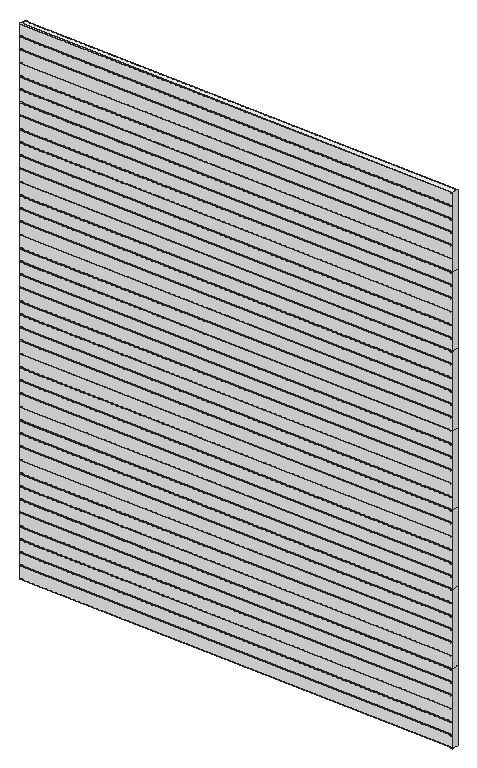
Revit family "3715-1Basic", category Doors, host Wall, Revit 2025
Family settings
  Host = Wall
  OmniClass Number = 23.30.10.17.37.14
  OmniClass Title = Sectional Overhead Doors
  Always vertical = Yes
  Cut with Voids When Loaded = No
  Shared = No
  Room Calculation Point = No
Parameters (values of type "By Type")
  Windload = "Doors available rated for various design pressures; consult Clopay for avaialbility and specifications"
  VisSection6 = NumSections = 6  # no
  VisSection5 = NumSections > 4  # yes
  VisSection4 = NumSections > 3  # yes
  VisSection3 = NumSections > 2  # yes
  VisArray = NumSections > 6  # yes
  URL = "www.clopaydoor.com"
  Track = "Galvanized steel (gauge varies according to door size)"
  Thickness = 0' - 2"  # constant formula
  Spec Wizard = "http://www.arcat.com/specwizard/08360clo/index.htm"
  Section Height = Height / NumSections  # 2' - 0"
  Sales Information = "http://www.clopaydoor.com/where-to-buy.aspx?type=dealer"
  Rough Width = 0' - 0"  # constant formula
  Rough Height = 0' - 0"  # constant formula
  R-Value = "12.9"
  Product Features and Benefits = "http://www.clopaydoor.com/insulated-polyurethane-applications.aspx"
  Overlapping Jamb = yes
  Overlap = if(Overlapping Jamb, 0' 1", 0' 0")  # 0' - 1"
  Opening Width = 12' - 0"
  Opening Height = 14' - 0"
  Omniclass Table = "23-30 10 17 37 "
  NumSectionsNotRounded = Height / 2' 0"  # 7
  NumSections = NumSectionsNotRounded + 0.4999  # 7
  NumArraySections = if(NumSections > 6, NumSections - 5, 2)  # 2
  Model = "3715"
  Maximum Size = "Maximum 32' 2'' wide by 26' 0'' high. Additional limitations may apply do to door weight. Consult Clopay for specificiations and shop drawings."  # constant formula
  Manufacturer Website = "http://www.clopaydoor.com"
  Manufacturer Phone Number = "1-800-526-4301"
  Manufacturer Address = "1400 W. Market St., Troy, OH 45373"
  Manufacturer = "Clopay Building Products Company"
  LEED = "http://products.construction.com/swts_content_files/151607/303186.pdf"
  Keynote = "08 36 13"
  Interior Steel = "28 ga. galvanized, primed, and finish painted"
  Hardware = "14 ga. min. steel hinges; 10-ball steel rollers"
  GreenFormat = "http://www.greenformat.com/products/1536-Polyurethane%20Insulated%20Doors.rtf"
  Function = Interior
  Height = Opening Height + Rough Width * 0  # 14' - 0"
  Wall Closure = By host
  Width = Opening Width + Rough Width * 0  # 12' - 0"
  FloorToSection7 = 6 * Section Height  # 12' - 0"
  FloorToSection6 = 5 * Section Height  # 10' - 0"
  FloorToSection5 = 4 * Section Height  # 8' - 0"
  FloorToSection4 = 3 * Section Height  # 6' - 0"
  FloorToSection3 = 2 * Section Height  # 4' - 0"
  FloorToSection2 = Section Height  # 2' - 0"
  File Revision = "02 (August, 2012)"
  Exterior Steel = "27 ga. galvanized, primed, and finish painted"
  Double End Stiles = Door Width > 14' 2"  # no
  Door Width = Opening Width + Overlap * 2  # 12' - 2"
  Door Height = Opening Height + Rough Width * 0  # 14' - 0"
  Description = "1-3/8'' thick polyurethane insulated, stucco embossed 27 gauge steel exterior with light ribbed pattern."
  Core Material = "Expanded polyurethane"
  Copyright = "2010, Clopay Building Products Company, Inc."
  Color = White
  CAD and Specifications = "http://www.clopaydoor.com/insulated-polyurethane-specs.aspx"
  Assembly Code = "B2030410"
Reference planes (in)
  plane 1 "Center (Front/Back)": y = 0
  plane 2 "Center (Left/Right)": x = 0
  plane 3 "Left": x = -72
  plane 4 "Right": x = 72
  plane 5 "Top": z = 168
  plane 6 "Exterior": y = 3
  plane 7 "Interior": y = -3
  plane 8: z = 120
  plane 9: z = 144
Lines and regions (in)
  Opening 1
    outline origin (-90, -3, 0) x (1, 0, 0) y (0, 0, 1)
      loop
        line (18, 0) -> (162, 0) -> (162, 168) -> (18, 168) -> (18, 0)
Text (in)
  text "Exterior" at (-74.96733, 27.31104, 0), in view "Ref. Level"
  text "Interior" at (-74.96733, -25.14366, 0), in view "Ref. Level"
  text "Exterior" at (0, 40.15149, 123.01588), in view "Right"
  text "Interior" at (0, -64.39139, 123.01588), in view "Right"
  text "Interior" at (0, -31.01599, 123.00693), in view "Left"
  text "Exterior" at (0, 54.57065, 123.00693), in view "Left"
Dimensions and locks (in)
  equal spacing: plane 3 "Left", plane 2 "Center (Left/Right)", plane 4 "Right"
  "Height": level to plane 5 "Top"
  "Width": plane 3 "Left" to plane 4 "Right"
  host wall to plane 5 "Top" = 14' - 0"
  nested 1 to plane 7 "Interior" = 0' - 0 1/2"
  "FloorToSection6": plane 8 to level
  "FloorToSection7": plane 9 to level
  group 1 to group 2 = 0' - 0"  (x2)
  group 1 to group 2 = 2' - 0"
  host wall to host wall = 67' - 6"
  aligned and locked: plane 3 "Left" to Opening 1 sketch curve
  aligned and locked: plane 5 "Top" to Opening 1 sketch curve  (x2)
  aligned and locked: Opening 1 sketch curve to plane 4 "Right"
  aligned and locked: Opening 1 sketch curve to level
  aligned and locked: plane 6 "Exterior" to host wall
  aligned and locked: host wall to plane 7 "Interior"
  aligned and locked: plane 2 "Center (Left/Right)" to nested 2
  aligned and locked: plane 2 "Center (Left/Right)" to nested 3
  aligned and locked: plane 2 "Center (Left/Right)" to nested 4
  aligned and locked: plane 2 "Center (Left/Right)" to nested 5
  aligned and locked: plane 2 "Center (Left/Right)" to nested 7
  aligned and locked: nested 7 to plane 8
  aligned and locked: nested 8 to plane 9
  aligned and locked: plane 7 "Interior" to nested 2
  aligned and locked: plane 7 "Interior" to nested 7
  aligned and locked: host wall to nested 8
  aligned and locked: plane 7 "Interior" to nested 3
  aligned and locked: host wall to nested 3
  aligned and locked: plane 7 "Interior" to nested 1
  aligned and locked: nested 2 to host wall
  aligned and locked: plane 7 "Interior" to nested 6
  aligned and locked: plane 7 "Interior" to nested 5
  aligned and locked: host wall to nested 7
  aligned and locked: plane 7 "Interior" to nested 4
Nested families (in)
  nested 1: "Section" at (0, 0, 0), type "Solid"
  nested 2: "Section" at (0, 0, 24), built-in parameter 1001364 <- "Section Height", type "Solid"
  nested 3: "Section" at (0, 0, 48), built-in parameter 1001364 <- "FloorToSection3", visible <- "VisSection3", type "Solid"
  nested 4: "Section" at (0, 0, 120), built-in parameter 1001364 <- "FloorToSection6", visible <- "VisSection6", type "Solid"
  nested 5: "Section" at (0, 0, 96), built-in parameter 1001364 <- "FloorToSection5", visible <- "VisSection5", type "Solid"
  nested 6: "Section" at (0, 0, 72), built-in parameter 1001364 <- "FloorToSection4", visible <- "VisSection4", type "Solid"
  nested 7: "Section" at (0, 0, 120), visible <- "VisArray", type "Solid"
  nested 8: "Section" at (0, 0, 144), visible <- "VisArray", type "Solid"
Definition of nested family "Section"
  Parameters
    X9 = if(if(NumArrayedWindows < NumWindows, NumArrayedWindows + 1, NumWindows) < 9, X1, X8 + 3' 8")  # 1' - 5 1/2"
    X8 = if(if(NumArrayedWindows < NumWindows, NumArrayedWindows + 1, NumWindows) < 8, X1, X7 + 3' 8")  # 1' - 5 1/2"
    X7 = if(if(NumArrayedWindows < NumWindows, NumArrayedWindows + 1, NumWindows) < 7, X1, X6 + 3' 8")  # 1' - 5 1/2"
    X6 = if(if(NumArrayedWindows < NumWindows, NumArrayedWindows + 1, NumWindows) < 6, X1, X5 + 3' 8")  # 1' - 5 1/2"
    X5 = if(if(NumArrayedWindows < NumWindows, NumArrayedWindows + 1, NumWindows) < 5, X1, X4 + 3' 8")  # 1' - 5 1/2"
    X4 = if(if(NumArrayedWindows < NumWindows, NumArrayedWindows + 1, NumWindows) < 4, X1, X3 + 3' 8")  # 1' - 5 1/2"
    X3 = if(NumWindows < 3, X1, X2 + 3' 8")  # 8' - 9 1/2"
    X2 = if(NumWindows < 2, ((Door Width - (NumWindows - 1) * 3' 8") / 2 - Cutout Width / 2), ((Door Width - (NumWindows - 1) * 3' 8") / 2 - Cutout Width / 2) + 3' 8")  # 5' - 1 1/2"
    WindowVis = no
    WindowCutDepth = -0' - 0 13/128"
    Section Height = 2' - 0"
    RibSpacing = Section Height / (NumRibs + 1)  # 0' - 4"
    NumWindows = if(Door Width < 9' 4", 2, if(Door Width < 13' 4", 3, if(Door Width < 16' 4", 4, if(Door Width < 20' 4", 5, if(Door Width < 24' 4", 6, if(Door Width < 26' 4", 7, if(Door Width < 31' 8", 8, 10)))))))  # 3
    NumRibs = if(Section Height < 1' 9", 3, if(Section Height < 2' 0", 4, 5))  # 5
    NumArrayedWindows = if(X2 = X1, NumWindows - 2, NumWindows)  # 3
    Half Section Height = Section Height / 2  # 1' - 0"
    Half Door Width Neg = -Half Door Width  # -6' - 1"
    Half Door Width = Door Width / 2  # 6' - 1"
    Half Cutout Height = Cutout Height / 2  # 0' - 3 1/2"
    Function = (empty or 0)
    Height = 0' - 0"
    Wall Closure = (empty or 0)
    Width = 0' - 0"
    X1 = if(or(Door Width > 31' 6", and(Door Width > 26' 2", Door Width < 28' 1"), Door Width = 24' 3", Door Width = 24' 4", and(Door Width > 20' 2", Door Width < 20' 11"), and(Door Width > 16' 2", Door Width < 17' 3")), X2, (Door Width - (NumWindows - 1) * 3' 8") / 2 - Cutout Width / 2)  # 1' - 5 1/2"
    Door Width = 12' - 2"
    CutoutToCutout = 1' - 0"
    Cutout Width = 1' - 11"
    Cutout Height = 0' - 7"
    Color = none
    BtmTo1stRib = RibSpacing  # 0' - 4"
    Assembly Code = ""
  Reference planes (in)
    plane 1 "Center (Front/Back)": y = 0
    plane 2 "Center (Left/Right)": x = 0
    plane 3 "Exterior": y = 3
    plane 4 "Interior": y = -3
    plane 5: y = -3.5
    plane 6: x = 73
    plane 7: x = -73
    plane 8: z = 4
    plane 9: z = 8
    plane 10: z = 24
    plane 11: z = 12
    plane 12: z = 0
  Forms (in)
    Extrusion 1, solid, material <- "Color"
      sketch origin (-73, -12, 83.08252) x (0, 0, 1) y (0, -1, 0)
        loop
          line (-59.08252, -8.37573) -> (-59.08252, -6.62444)
          arc (-59.08252, -6.62444) -> (-59.11897, -6.53645) -> (-59.20696, -6.5) r 0.12444
          line (-59.20696, -6.5) -> (-82.95809, -6.5)
          arc (-82.95809, -6.5) -> (-83.04608, -6.53645) -> (-83.08252, -6.62444) r 0.12444
          line (-83.08252, -6.62444) -> (-83.08252, -8.37573)
          arc (-83.08252, -8.37573) -> (-83.04612, -8.4636) -> (-82.95825, -8.5) r 0.12427
          line (-82.95825, -8.5) -> (-59.20679, -8.5)
          arc (-59.20679, -8.5) -> (-59.11892, -8.4636) -> (-59.08252, -8.37573) r 0.12427
      from 0 to 146 <- "Door Width"
    Extrusion 2, void
      sketch origin (0, 0, -0.5) x (0, -1, 0) y (0, 0, 1)
        loop
          line (3.5, 4.62727) -> (3.5, 4.37273) -> (3.53032, 4.41942)
          arc (3.53032, 4.41942) -> (3.53753, 4.43506) -> (3.54, 4.4521) r 0.06
          line (3.54, 4.4521) -> (3.54, 4.5479)
          arc (3.54, 4.5479) -> (3.53753, 4.56494) -> (3.53032, 4.58058) r 0.06
          line (3.53032, 4.58058) -> (3.5, 4.62727)
      from -73 <- "Half Door Width Neg" to 146 <- "Door Width"
    Extrusion 3, void
      sketch origin (0, 0, 3.5) x (0, -1, 0) y (0, 0, 1)
        loop
          line (3.5, 4.62727) -> (3.5, 4.37273) -> (3.53032, 4.41942)
          arc (3.53032, 4.41942) -> (3.53753, 4.43506) -> (3.54, 4.4521) r 0.06
          line (3.54, 4.4521) -> (3.54, 4.5479)
          arc (3.54, 4.5479) -> (3.53753, 4.56494) -> (3.53032, 4.58058) r 0.06
          line (3.53032, 4.58058) -> (3.5, 4.62727)
      from -73 <- "Half Door Width Neg" to 146 <- "Door Width"
    Extrusion 4, void
      sketch origin (0, 0, 7.5) x (0, -1, 0) y (0, 0, 1)
        loop
          line (3.5, 4.62727) -> (3.5, 4.37273) -> (3.53032, 4.41942)
          arc (3.53032, 4.41942) -> (3.53753, 4.43506) -> (3.54, 4.4521) r 0.06
          line (3.54, 4.4521) -> (3.54, 4.5479)
          arc (3.54, 4.5479) -> (3.53753, 4.56494) -> (3.53032, 4.58058) r 0.06
          line (3.53032, 4.58058) -> (3.5, 4.62727)
      from -73 <- "Half Door Width Neg" to 146 <- "Door Width"
    Extrusion 5, void
      sketch origin (0, -8.99984, -0.5) x (0, 1, 0) y (0, 0, -1)
        loop
          line (3.5, -4.62727) -> (3.53032, -4.58058)
          arc (3.53032, -4.58058) -> (3.53753, -4.56494) -> (3.54, -4.5479) r 0.06
          line (3.54, -4.5479) -> (3.54, -4.4521)
          arc (3.54, -4.4521) -> (3.53753, -4.43506) -> (3.53032, -4.41942) r 0.06
          line (3.53032, -4.41942) -> (3.5, -4.37273) -> (3.5, -4.62727)
      from -73 <- "Half Door Width Neg" to 146 <- "Door Width"
    Extrusion 6, void
      sketch origin (0, -8.99984, 3.5) x (0, 1, 0) y (0, 0, -1)
        loop
          line (3.5, -4.62727) -> (3.53032, -4.58058)
          arc (3.53032, -4.58058) -> (3.53753, -4.56494) -> (3.54, -4.5479) r 0.06
          line (3.54, -4.5479) -> (3.54, -4.4521)
          arc (3.54, -4.4521) -> (3.53753, -4.43506) -> (3.53032, -4.41942) r 0.06
          line (3.53032, -4.41942) -> (3.5, -4.37273) -> (3.5, -4.62727)
      from -73 <- "Half Door Width Neg" to 146 <- "Door Width"
    Extrusion 7, void
      sketch origin (0, -8.99984, 7.5) x (0, 1, 0) y (0, 0, -1)
        loop
          line (3.5, -4.62727) -> (3.53032, -4.58058)
          arc (3.53032, -4.58058) -> (3.53753, -4.56494) -> (3.54, -4.5479) r 0.06
          line (3.54, -4.5479) -> (3.54, -4.4521)
          arc (3.54, -4.4521) -> (3.53753, -4.43506) -> (3.53032, -4.41942) r 0.06
          line (3.53032, -4.41942) -> (3.5, -4.37273) -> (3.5, -4.62727)
      from -73 <- "Half Door Width Neg" to 146 <- "Door Width"
    Extrusion 8, void
      sketch origin (0, 0, 11.5) x (0, -1, 0) y (0, 0, 1)
        loop
          line (3.5, 4.62727) -> (3.5, 4.37273) -> (3.53032, 4.41942)
          arc (3.53032, 4.41942) -> (3.53753, 4.43506) -> (3.54, 4.4521) r 0.06
          line (3.54, 4.4521) -> (3.54, 4.5479)
          arc (3.54, 4.5479) -> (3.53753, 4.56494) -> (3.53032, 4.58058) r 0.06
          line (3.53032, 4.58058) -> (3.5, 4.62727)
      from -73 <- "Half Door Width Neg" to 146 <- "Door Width"
    Extrusion 9, void
      sketch origin (0, -8.99984, 11.5) x (0, 1, 0) y (0, 0, -1)
        loop
          line (3.5, -4.62727) -> (3.53032, -4.58058)
          arc (3.53032, -4.58058) -> (3.53753, -4.56494) -> (3.54, -4.5479) r 0.06
          line (3.54, -4.5479) -> (3.54, -4.4521)
          arc (3.54, -4.4521) -> (3.53753, -4.43506) -> (3.53032, -4.41942) r 0.06
          line (3.53032, -4.41942) -> (3.5, -4.37273) -> (3.5, -4.62727)
      from -73 <- "Half Door Width Neg" to 146 <- "Door Width"
    Extrusion 10, void
      sketch origin (0, 0, 15.5) x (0, -1, 0) y (0, 0, 1)
        loop
          line (3.5, 4.62727) -> (3.5, 4.37273) -> (3.53032, 4.41942)
          arc (3.53032, 4.41942) -> (3.53753, 4.43506) -> (3.54, 4.4521) r 0.06
          line (3.54, 4.4521) -> (3.54, 4.5479)
          arc (3.54, 4.5479) -> (3.53753, 4.56494) -> (3.53032, 4.58058) r 0.06
          line (3.53032, 4.58058) -> (3.5, 4.62727)
      from -73 <- "Half Door Width Neg" to 146 <- "Door Width"
    Extrusion 11, void
      sketch origin (0, -8.99984, 15.5) x (0, 1, 0) y (0, 0, -1)
        loop
          line (3.5, -4.62727) -> (3.53032, -4.58058)
          arc (3.53032, -4.58058) -> (3.53753, -4.56494) -> (3.54, -4.5479) r 0.06
          line (3.54, -4.5479) -> (3.54, -4.4521)
          arc (3.54, -4.4521) -> (3.53753, -4.43506) -> (3.53032, -4.41942) r 0.06
          line (3.53032, -4.41942) -> (3.5, -4.37273) -> (3.5, -4.62727)
      from -73 <- "Half Door Width Neg" to 146 <- "Door Width"
  Cuts and joins
    Extrusion 2, Extrusion 3, Extrusion 4, Extrusion 5, Extrusion 6, Extrusion 7, Extrusion 8, Extrusion 9, Extrusion 10, Extrusion 11 cuts Extrusion 1
  Lines and regions (in)
    reference lines
      curve 1: line (-72, -3.54, 4) -> (-72, -3.5, 4)
      curve 2: line (-72, -5.45984, 4) -> (-72, -5.49984, 4)
      curve 3: line (-72, -3.54, 8) -> (-72, -3.5, 8)
      curve 4: line (-72, -3.54, 12) -> (-72, -3.5, 12)
      curve 5: line (-72, -5.45984, 4) -> (-72, -5.49984, 4)
      curve 6: line (-72, -5.45984, 8) -> (-72, -5.49984, 8)
      curve 7: line (-72, -5.45984, 12) -> (-72, -5.49984, 12)
      curve 8: line (-72, -3.54, 16) -> (-72, -3.5, 16)
      curve 9: line (-72, -5.45984, 16) -> (-72, -5.49984, 16)
      curve 10: line (-72, -3.54, 20) -> (-72, -3.5, 20)
      curve 11: line (-72, -5.45984, 20) -> (-72, -5.49984, 20)
  Text (in)
    text "Exterior" at (-74.96733, 27.31104, 0), in view "Ref. Level"
    text "Interior" at (-74.96733, -25.14366, 0), in view "Ref. Level"
    text "Exterior" at (0, 40.15149, 123.01588), in view "Right"
    text "Interior" at (0, -64.39139, 123.01588), in view "Right"
    text "Interior" at (0, -31.01599, 123.00693), in view "Left"
    text "Exterior" at (0, 54.57065, 123.00693), in view "Left"
  Dimensions and locks (in)
    plane 4 "Interior" to plane 5 = 0' - 0 1/2"
    "Half Door Width": plane 2 "Center (Left/Right)" to plane 7
    "Half Door Width": plane 6 to plane 2 "Center (Left/Right)"
    Extrusion 1 sketch curve to Extrusion 1 sketch curve = 0' - 2"
    Extrusion 2 sketch curve to Extrusion 2 sketch curve = 0' - 0.25454"
    Extrusion 2 sketch curve to Extrusion 2 sketch curve = 0' - 0.04"  (x2)
    "BtmTo1stRib": plane 8 to level
    curve 1 to Extrusion 2 sketch curve = 0' - 0.12727"
    "RibSpacing": plane 9 to plane 8
    "Section Height": plane 10 to level
    Extrusion 3 sketch curve to Extrusion 3 sketch curve = 0' - 0.25454"
    Extrusion 3 sketch curve to Extrusion 3 sketch curve = 0' - 0.04"  (x2)
    curve 3 to Extrusion 3 sketch curve = 0' - 0.12727"
    equal spacing: group 1, group 2, group 3, group 4, group 5  (x3)
    Extrusion 4 sketch curve to Extrusion 4 sketch curve = 0' - 0.25454"
    Extrusion 4 sketch curve to Extrusion 4 sketch curve = 0' - 0.04"  (x2)
    curve 4 to Extrusion 4 sketch curve = 0' - 0.12727"
    Extrusion 5 sketch curve to Extrusion 5 sketch curve = 0' - 0.25454"
    Extrusion 5 sketch curve to Extrusion 5 sketch curve = 0' - 0.04"  (x2)
    Extrusion 5 sketch curve to curve 5 = 0' - 0.12727"
    Extrusion 6 sketch curve to Extrusion 6 sketch curve = 0' - 0.25454"
    Extrusion 6 sketch curve to Extrusion 6 sketch curve = 0' - 0.04"  (x2)
    Extrusion 6 sketch curve to curve 6 = 0' - 0.12727"
    Extrusion 7 sketch curve to Extrusion 7 sketch curve = 0' - 0.25454"
    Extrusion 7 sketch curve to Extrusion 7 sketch curve = 0' - 0.04"  (x2)
    Extrusion 7 sketch curve to curve 7 = 0' - 0.12727"
    "Half Section Height": level to plane 11
    Extrusion 8 sketch curve to Extrusion 8 sketch curve = 0' - 0.25454"
    Extrusion 8 sketch curve to Extrusion 8 sketch curve = 0' - 0.04"  (x2)
    curve 8 to Extrusion 8 sketch curve = 0' - 0.12727"
    Extrusion 9 sketch curve to Extrusion 9 sketch curve = 0' - 0.25454"
    Extrusion 9 sketch curve to Extrusion 9 sketch curve = 0' - 0.04"  (x2)
    Extrusion 9 sketch curve to curve 9 = 0' - 0.12727"
    Extrusion 10 sketch curve to Extrusion 10 sketch curve = 0' - 0.25454"
    Extrusion 10 sketch curve to Extrusion 10 sketch curve = 0' - 0.04"  (x2)
    curve 10 to Extrusion 10 sketch curve = 0' - 0.12727"
    Extrusion 11 sketch curve to Extrusion 11 sketch curve = 0' - 0.25454"
    Extrusion 11 sketch curve to Extrusion 11 sketch curve = 0' - 0.04"  (x2)
    Extrusion 11 sketch curve to curve 11 = 0' - 0.12727"
    locked: plane 4 "Interior" to cut or joined group 1 (Extrusion 1, Extrusion 2, Extrusion 3, Extrusion 4, Extrusion 5, Extrusion 6, Extrusion 7, Extrusion 8, Extrusion 9, Extrusion 10, Extrusion 11) at 0.5
    radius of Extrusion 1 sketch curve = 0' - 0.12427"  (x2)
    radius of Extrusion 1 sketch curve = 0' - 0.12444"  (x2)
    angle Extrusion 2 sketch curve to Extrusion 2 sketch curve = 147.00°  (x2)
    angle Extrusion 3 sketch curve to Extrusion 3 sketch curve = 147.00°  (x2)
    angle Extrusion 4 sketch curve to Extrusion 4 sketch curve = 147.00°  (x2)
    angle Extrusion 5 sketch curve to Extrusion 5 sketch curve = 147.00°  (x2)
    angle Extrusion 6 sketch curve to Extrusion 6 sketch curve = 147.00°  (x2)
    angle Extrusion 7 sketch curve to Extrusion 7 sketch curve = 147.00°  (x2)
    angle Extrusion 8 sketch curve to Extrusion 8 sketch curve = 147.00°  (x2)
    angle Extrusion 9 sketch curve to Extrusion 9 sketch curve = 147.00°  (x2)
    angle Extrusion 10 sketch curve to Extrusion 10 sketch curve = 147.00°  (x2)
    angle Extrusion 11 sketch curve to Extrusion 11 sketch curve = 147.00°  (x2)
    aligned and locked: Extrusion 1 sketch curve to plane 5
    aligned and locked: plane 8 to curve 1
    aligned and locked: plane 9 to curve 3
    aligned: cut or joined group 1 to cut or joined group 1  (x9)
    aligned and locked: plane 12 to level
  Automatic sketch dimensions
    curve 2 to curve 1 = 0' - 1.91984"
    curve 1 to curve 1 = 0' - 0.04"  (x2)
    curve 1 to curve 2 = 0' - 1.91984"
    curve 2 to curve 2 = 0' - 0.04"  (x2)
    Extrusion 2 sketch curve to Extrusion 2 sketch curve = 0' - 0"
    Extrusion 2 sketch curve to Extrusion 2 sketch curve = 0' - 0.02"
    Extrusion 2 sketch curve to Extrusion 2 sketch curve = 0' - 0.00968"  (x2)
    curve 5 to curve 1 = 0' - 0"
    curve 1 to curve 5 = 0' - 1.91984"
    curve 5 to curve 5 = 0' - 0.04"
    Extrusion 5 sketch curve to Extrusion 5 sketch curve = 0' - 0"
    Extrusion 5 sketch curve to Extrusion 5 sketch curve = 0' - 0.02"
    Extrusion 5 sketch curve to Extrusion 5 sketch curve = 0' - 0.00968"  (x2)
    Extrusion 3 sketch curve to Extrusion 3 sketch curve = 0' - 0"
    Extrusion 3 sketch curve to Extrusion 3 sketch curve = 0' - 0.02"
    Extrusion 3 sketch curve to Extrusion 3 sketch curve = 0' - 0.00968"  (x2)
    curve 6 to curve 3 = 0' - 0"
    curve 3 to curve 3 = 0' - 0.04"
    curve 3 to curve 6 = 0' - 1.91984"
    curve 6 to curve 6 = 0' - 0.04"
    Extrusion 4 sketch curve to Extrusion 4 sketch curve = 0' - 0"
    Extrusion 4 sketch curve to Extrusion 4 sketch curve = 0' - 0.02"
    Extrusion 4 sketch curve to Extrusion 4 sketch curve = 0' - 0.00968"  (x2)
    curve 7 to curve 4 = 0' - 0"
    curve 4 to curve 4 = 0' - 0.04"
    curve 4 to curve 7 = 0' - 1.91984"
    curve 7 to curve 7 = 0' - 0.04"
    Extrusion 7 sketch curve to Extrusion 7 sketch curve = 0' - 0.00968"
    Extrusion 6 sketch curve to Extrusion 6 sketch curve = 0' - 0.00968"
    curve 2 to plane 8 = 0' - 0"
    curve 2 to plane 5 = 0' - 1.95984"
    Extrusion 1 sketch curve to plane 10 = 0' - 0"
    Extrusion 1 sketch curve to level = 0' - 0"
    Extrusion 8 sketch curve to Extrusion 8 sketch curve = 0' - 0"
    Extrusion 8 sketch curve to Extrusion 8 sketch curve = 0' - 0.02"
    Extrusion 8 sketch curve to Extrusion 8 sketch curve = 0' - 0.00968"  (x2)
    curve 9 to curve 8 = 0' - 0"
    curve 8 to curve 8 = 0' - 0.04"
    curve 8 to curve 9 = 0' - 1.91984"
    curve 9 to curve 9 = 0' - 0.04"
    Extrusion 9 sketch curve to Extrusion 9 sketch curve = 0' - 0"
    Extrusion 9 sketch curve to Extrusion 9 sketch curve = 0' - 0.02"
    Extrusion 9 sketch curve to Extrusion 9 sketch curve = 0' - 0.00968"  (x2)
    Extrusion 10 sketch curve to Extrusion 10 sketch curve = 0' - 0"
    Extrusion 10 sketch curve to Extrusion 10 sketch curve = 0' - 0.02"
    Extrusion 10 sketch curve to Extrusion 10 sketch curve = 0' - 0.00968"  (x2)
    curve 11 to curve 10 = 0' - 0"
    curve 10 to curve 10 = 0' - 0.04"
    curve 10 to curve 11 = 0' - 1.91984"
    curve 11 to curve 11 = 0' - 0.04"
    Extrusion 11 sketch curve to Extrusion 11 sketch curve = 0' - 0"
    Extrusion 11 sketch curve to Extrusion 11 sketch curve = 0' - 0.02"
    Extrusion 11 sketch curve to Extrusion 11 sketch curve = 0' - 0.00968"  (x2)
